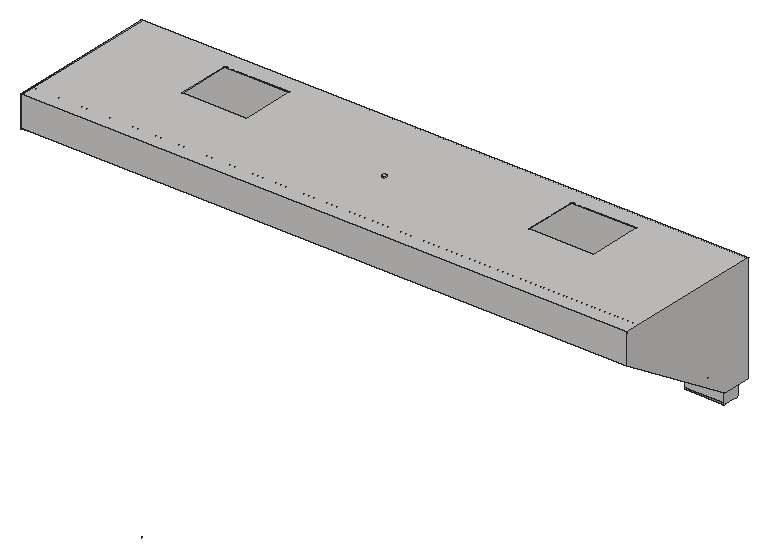
Revit family "QF_ELECTROLUXPROFESSIONAL_644203_AMPV728DT", category Specialty Equipment, Revit 2014
Reference planes
  plane 1: z = 0
  plane 2 "Center (Left/Right)": x = 150
  plane 3 "LEFT": x = -1250
  plane 4 "RIGHT": x = 1550
  plane 5 "BACK": y = 550
  plane 6 "Plane": z = 2000
  plane 7 "TOP": z = 2140
  plane 8 "Base": z = 1640
  plane 9: z = 1566
  plane 10 "DrainY": y = 485
  plane 11: x = -1247
  plane 12: through (0, 414.509, 1640.8) normal (0, 0.7314, 0.682)
  plane 13: y = 470
  plane 14: y = 220
  plane 15 "DrainX": x = 1430
  plane 16: x = -500
  plane 17: x = 800
  plane 18: x = -800
  plane 19: x = 1100
  plane 20: x = 1547
  plane 21: x = 1340
  plane 22: x = 1520
  plane 23: x = -1210
  plane 24: x = -845
  plane 25: x = -450
  plane 26: x = 1510
  plane 27: x = 1145
  plane 28: x = 750
  plane 29 "Center (Front/Back)": y = 200
  plane 30 "Front": y = -150
Forms (mm)
  Extrusion 1, solid, material "QF_Finishes_Stainless Steel"
    sketch origin (-1250, 0, 0) x (0, 1, 0) y (0, 0, 1)
      loop
        line (550, 1640) -> (550, 2140) -> (-150, 2140) -> (-150, 1998.603) -> (413.973, 1640) -> (550, 1640)
    from 0 to 3
  Extrusion 2, solid, material "QF_Finishes_Stainless Steel"
    sketch origin (150, 0, 0) x (0, 1, 0) y (0, 0, 1)
      loop
        line (415.255, 1640) -> (550, 1640) -> (550, 2139.19) -> (549.2, 2139.19) -> (549.2, 1640.8) -> (415.876, 1640.8) -> (339.347, 1722.867) -> (349.609, 1732.436) -> (348.927, 1733.167) -> (337.934, 1722.917) -> (415.255, 1640)
      loop
        line (-82.203, 2139.19) -> (-82.203, 2118.6) -> (-31.047, 2118.6) -> (34.354, 2048.466) -> (46.028, 2059.352) -> (45.346, 2060.083) -> (34.403, 2049.879) -> (-30.612, 2119.6) -> (-81.203, 2119.6) -> (-81.203, 2139.19) -> (-82.203, 2139.19)
    from -1397 to 1397
  Extrusion 3, solid, material "QF_Finishes_Stainless Steel"
    sketch origin (1550, 0, 0) x (0, 1, 0) y (0, 0, 1)
      loop
        line (550, 1640) -> (550, 2140) -> (-150, 2140) -> (-150, 1998.603) -> (413.973, 1640) -> (550, 1640)
    from 0 to -3
  Extrusion 4, solid, material "QF_Finishes_Stainless Steel"
    sketch origin (150, 0, 0) x (0, 1, 0) y (0, 0, 1)
      loop
        line (-150, 2140) -> (-150, 2000) -> (-149.2, 2000) -> (-149.2, 2139.19) -> (550, 2139.19) -> (550, 2140) -> (-150, 2140)
    from -1400 to 1400
  Extrusion 5, solid, material "QF_Finishes_Stainless Steel"
    sketch origin (150, 0, 0) x (0, 1, 0) y (0, 0, 1)
      loop
        line (534, 1640) -> (436, 1640) -> (436, 1627) -> (443.5, 1627) -> (443.5, 1576)
        arc (443.5, 1576) -> (446.429, 1568.929) -> (453.5, 1566) r 10
        line (453.5, 1566) -> (516.5, 1566)
        arc (516.5, 1566) -> (523.571, 1568.929) -> (526.5, 1576) r 10
        line (526.5, 1576) -> (526.5, 1627) -> (534, 1627) -> (534, 1640)
    from 1190 to 1370
  Extrusion 6, solid, material "QF_Finishes_Stainless Steel"
    sketch origin (0, 0, 1640) x (0, 1, 0) y (-1, 0, 0)
      loop
        circle (485, -1430) r 20
    from -76 to -74
  Extrusion 7, solid, material "QF_Finished_Chrome"
    sketch origin (150, 0, 0) x (0, 1, 0) y (0, 0, 1)
      loop
        line (337.934, 1722.917) -> (341.591, 1726.327) -> (38.011, 2051.876) -> (34.354, 2048.466) -> (337.934, 1722.917)
    from -995 to -1360
  Extrusion 8, solid, material "QF_Finished_Chrome"
    sketch origin (150, 0, 0) x (0, 1, 0) y (0, 0, 1)
      loop
        line (337.934, 1722.917) -> (341.591, 1726.327) -> (38.011, 2051.876) -> (34.354, 2048.466) -> (337.934, 1722.917)
    from 600 to -600
  Extrusion 9, solid, material "QF_Finishes_Stainless Steel"
    sketch origin (150, 0, 0) x (0, 1, 0) y (0, 0, 1)
      loop
        line (337.934, 1722.917) -> (341.591, 1726.327) -> (38.011, 2051.876) -> (34.354, 2048.466) -> (337.934, 1722.917)
    from 1397 to 1360
  Extrusion 10, solid, material "QF_Finishes_Stainless Steel"
    sketch origin (150, 0, 0) x (0, 1, 0) y (0, 0, 1)
      loop
        line (341.588, 1726.324) -> (38.009, 2051.874) -> (34.354, 2048.466) -> (337.934, 1722.917) -> (341.588, 1726.324)
    from -995 to -600
  Extrusion 11, solid, material "QF_Finished_Chrome"
    sketch origin (150, 0, 0) x (0, 1, 0) y (0, 0, 1)
      loop
        line (341.588, 1726.324) -> (38.009, 2051.874) -> (34.354, 2048.466) -> (337.934, 1722.917) -> (341.588, 1726.324)
    from 995 to 1360
  Extrusion 12, void
    sketch origin (0, 0, 2140) x (0, 1, 0) y (-1, 0, 0)
      loop
        line (470, 800) -> (220, 800) -> (220, 500) -> (470, 500) -> (470, 800)
    from 0 to -10
  Extrusion 13, void
    sketch origin (940, 0, 2140) x (0, 1, 0) y (-1, 0, 0)
      loop
        line (470, 140) -> (220, 140) -> (220, -160) -> (470, -160) -> (470, 140)
    from 0 to -10
  Extrusion 14, solid, material "QF_Finishes_Stainless Steel"
    sketch origin (0, 0, 0) x (1, 0, 0) y (0, 1, 0)
      loop
        line (-1250, 550) -> (-1250, 549) -> (-1249, 549) -> (-1249, 550) -> (-1250, 550)
    from 0 to 1
  Extrusion 15, solid, material "QF_Finishes_Stainless Steel"
    sketch origin (150, 0, 0) x (0, 1, 0) y (0, 0, 1)
      loop
        line (337.934, 1722.917) -> (341.591, 1726.327) -> (38.011, 2051.876) -> (34.354, 2048.466) -> (337.934, 1722.917)
    from -1360 to -1397
  Extrusion 16, solid, material "QF_Finishes_Stainless Steel"
    sketch origin (150, 0, 0) x (0, 1, 0) y (0, 0, -1)
      loop
        line (341.588, -1726.324) -> (337.934, -1722.917) -> (34.354, -2048.466) -> (38.009, -2051.874) -> (341.588, -1726.324)
    from -995 to -600
  Extrusion 17, solid, material "QF_Finishes_Stainless Steel"
    sketch origin (0, 0, 2140) x (0, 1, 0) y (-1, 0, 0)
      loop
        circle (200, -150) r 10
    from 0 to 2
Cuts and joins
  Extrusion 12, Extrusion 13 cuts Extrusion 4
  joined: Extrusion 2, Extrusion 4
Lines and regions (mm)
  reference lines
    curve 1: line (150, 34.354, 2048.466) -> (150, 34.354, 1888.466)
  symbolic lines, style "SpecialityEquipment", detail levels coarse
    curve 2: line (1550, 550, 2140) -> (-1250, 550, 2140)
    curve 3: line (-1250, 550, 2140) -> (-1250, -150, 2140)
    curve 4: line (1550, -150, 2140) -> (1550, 550, 2140)
    curve 5: line (-1250, -150, 2140) -> (1550, -150, 2140)
    curve 6: line (-800, 220, 2140) -> (-500, 220, 2140)
    curve 7: line (-800, 470, 2140) -> (-800, 220, 2140)
    curve 8: line (-500, 470, 2140) -> (-800, 470, 2140)
    curve 9: line (-500, 220, 2140) -> (-500, 470, 2140)
    curve 10: line (800, 470, 2140) -> (800, 220, 2140)
    curve 11: line (800, 220, 2140) -> (1100, 220, 2140)
    curve 12: line (1100, 470, 2140) -> (800, 470, 2140)
    curve 13: line (1100, 220, 2140) -> (1100, 470, 2140)
    curve 14: line (-1250, -150, 2140) -> (1550, 550, 2140)
    curve 15: line (-1250, 550, 2140) -> (1550, -150, 2140)
Dimensions and locks
  plane 3 "LEFT" to plane 4 "RIGHT" = 2800 mm
  equal spacing: plane 3 "LEFT", plane 2 "Center (Left/Right)", plane 4 "RIGHT"
  locked: plane 6 "Plane" to level at 2000
  plane 7 "TOP" to plane 6 "Plane" = 140 mm
  locked: plane 7 "TOP" to plane 8 "Base" at 500
  plane 8 "Base" to plane 9 = 74 mm
  plane 5 "BACK" to plane 10 "DrainY" = 65 mm  (x2)
  plane 3 "LEFT" to plane 11 = 3 mm
  plane 5 "BACK" to plane 13 = 80 mm
  plane 13 to plane 14 = 250 mm  (x2)
  plane 15 "DrainX" to plane 4 "RIGHT" = 120 mm
  locked: plane 16 to plane 17 at 1300
  equal spacing: plane 16, plane 2 "Center (Left/Right)", plane 17
  locked: plane 18 to plane 16 at 300
  locked: plane 17 to plane 19 at 300
  plane 20 to plane 4 "RIGHT" = 3 mm
  locked: plane 21 to plane 15 "DrainX" at 90
  locked: plane 15 "DrainX" to plane 22 at 90
  plane 13 to plane 5 "BACK" = 80 mm
  locked: plane 3 "LEFT" to plane 23 at 40
  locked: plane 23 to plane 24 at 365
  locked: plane 24 to plane 25 at 395
  locked: plane 26 to plane 27 at 365
  locked: plane 27 to plane 28 at 395
  locked: plane 26 to plane 4 "RIGHT" at 40
  plane 25 to plane 28 = 1200 mm
  locked: plane 5 "BACK" to plane 30 "Front" at 700
  equal spacing: plane 5 "BACK", plane 29 "Center (Front/Back)", plane 30 "Front"
  plane 5 "BACK" to plane 30 "Front" = 700 mm
  aligned and locked: level to plane 1
  aligned and locked: Extrusion 2 to Extrusion 1
  aligned and locked: Extrusion 2 to Extrusion 3
  aligned and locked: plane 4 "RIGHT" to Extrusion 4
  aligned and locked: Extrusion 4 to plane 3 "LEFT"
  aligned and locked: plane 20 to Extrusion 9
  aligned and locked: plane 18 to Extrusion 12
  aligned and locked: Extrusion 12 to plane 16
  aligned and locked: Extrusion 12 to plane 14
  aligned and locked: Extrusion 12 to plane 13
  aligned and locked: Extrusion 13 to plane 19
  aligned and locked: plane 17 to Extrusion 13
  aligned and locked: Extrusion 2 to Extrusion 4
  aligned and locked: plane 22 to Extrusion 5
  aligned and locked: Extrusion 5 to plane 21
  aligned and locked: Extrusion 9 to plane 26
  aligned and locked: Extrusion 11 to plane 26
  aligned and locked: Extrusion 11 to plane 27
  aligned and locked: Extrusion 8 to plane 28
  aligned and locked: Extrusion 8 to plane 25
  aligned and locked: plane 25 to Extrusion 10
  aligned and locked: Extrusion 10 to plane 24
  aligned and locked: plane 24 to Extrusion 7
  aligned and locked: Extrusion 7 to plane 23
  aligned and locked: Extrusion 15 to plane 11
  aligned and locked: plane 23 to Extrusion 15
  aligned and locked: Extrusion 16 to plane 28
  aligned and locked: Extrusion 16 to plane 27
  aligned and locked: Extrusion 3 to plane 20
Automatic sketch dimensions
  Extrusion 2 sketch curve to plane 12 = 0 mm  (x3)
  Extrusion 2 sketch curve to plane 8 "Base" = 0 mm
  plane 12 to Extrusion 2 sketch curve = 0 mm
  Extrusion 2 sketch curve to plane 5 "BACK" = 0 mm
  Extrusion 2 sketch curve to Extrusion 2 sketch curve = 65.646 mm
  Extrusion 2 sketch curve to Extrusion 2 sketch curve = 0.682 mm  (x2)
  Extrusion 2 sketch curve to Extrusion 2 sketch curve = 10.261 mm
  plane 8 "Base" to Extrusion 2 sketch curve = 82.917 mm
  Extrusion 2 sketch curve to Extrusion 2 sketch curve = 10.942 mm
  Extrusion 2 sketch curve to Extrusion 2 sketch curve = 0.049 mm
  Extrusion 2 sketch curve to plane 7 "TOP" = 20.4 mm
  Extrusion 2 sketch curve to plane 7 "TOP" = 21.4 mm
  Extrusion 2 sketch curve to plane 7 "TOP" = 0.81 mm  (x2)
  Extrusion 2 sketch curve to Extrusion 2 sketch curve = 50.156 mm
  Extrusion 2 sketch curve to Extrusion 2 sketch curve = 1 mm
  plane 8 "Base" to Extrusion 2 sketch curve = 0.8 mm
  Extrusion 2 sketch curve to plane 5 "BACK" = 0.8 mm
  Extrusion 3 sketch curve to plane 8 "Base" = 0 mm
  Extrusion 3 sketch curve to plane 5 "BACK" = 0 mm
  Extrusion 3 sketch curve to plane 7 "TOP" = 0 mm
  plane 13 to Extrusion 3 sketch curve = 56.027 mm
  Extrusion 3 sketch curve to plane 6 "Plane" = 1.397 mm
  Extrusion 4 sketch curve to plane 6 "Plane" = 0 mm
  Extrusion 4 sketch curve to plane 5 "BACK" = 0 mm
  Extrusion 4 sketch curve to plane 7 "TOP" = 0 mm
  Extrusion 4 sketch curve to plane 7 "TOP" = 0.81 mm
  curve 1 to plane 12 = 0 mm
  curve 1 to plane 6 "Plane" = 111.534 mm
  Extrusion 5 sketch curve to plane 8 "Base" = 0 mm
  Extrusion 5 sketch curve to plane 9 = 0 mm
  Extrusion 5 sketch curve to plane 8 "Base" = 13 mm  (x2)
  plane 13 to Extrusion 5 sketch curve = 34 mm
  Extrusion 5 sketch curve to Extrusion 5 sketch curve = 7.5 mm  (x2)
  Extrusion 5 sketch curve to Extrusion 5 sketch curve = 10 mm
  plane 10 "DrainY" to Extrusion 5 sketch curve = 31.5 mm
  Extrusion 5 sketch curve to plane 5 "BACK" = 23.5 mm
  Extrusion 6 sketch curve to plane 10 "DrainY" = 0 mm
  Extrusion 6 sketch curve to plane 15 "DrainX" = 0 mm
  Extrusion 7 sketch curve to plane 12 = 0 mm  (x2)
  Extrusion 7 sketch curve to Extrusion 7 sketch curve = 3.657 mm
  plane 8 "Base" to Extrusion 7 sketch curve = 82.917 mm
  Extrusion 8 sketch curve to plane 12 = 0 mm  (x2)
  Extrusion 8 sketch curve to Extrusion 8 sketch curve = 3.657 mm
  plane 8 "Base" to Extrusion 8 sketch curve = 82.917 mm
  Extrusion 9 sketch curve to plane 12 = 0 mm  (x2)
  Extrusion 9 sketch curve to Extrusion 9 sketch curve = 3.657 mm
  plane 8 "Base" to Extrusion 9 sketch curve = 82.917 mm
  Extrusion 10 sketch curve to plane 12 = 0 mm  (x2)
  Extrusion 10 sketch curve to Extrusion 10 sketch curve = 3.655 mm
  plane 8 "Base" to Extrusion 10 sketch curve = 82.917 mm
  Extrusion 11 sketch curve to plane 12 = 0 mm  (x2)
  Extrusion 11 sketch curve to Extrusion 11 sketch curve = 3.655 mm
  plane 8 "Base" to Extrusion 11 sketch curve = 82.917 mm
  Extrusion 12 sketch curve to plane 14 = 0 mm
  plane 13 to Extrusion 12 sketch curve = 0 mm
  Extrusion 12 sketch curve to plane 16 = 0 mm
  Extrusion 12 sketch curve to plane 18 = 0 mm
  Extrusion 13 sketch curve to plane 14 = 0 mm
  plane 13 to Extrusion 13 sketch curve = 0 mm
  Extrusion 13 sketch curve to plane 19 = 0 mm
  Extrusion 13 sketch curve to plane 17 = 0 mm
  Extrusion 14 sketch curve to plane 3 "LEFT" = 0 mm
  Extrusion 14 sketch curve to plane 5 "BACK" = 0 mm
  plane 3 "LEFT" to Extrusion 14 sketch curve = 1 mm
  Extrusion 14 sketch curve to plane 5 "BACK" = 1 mm
  Extrusion 15 sketch curve to plane 12 = 0 mm  (x2)
  Extrusion 15 sketch curve to Extrusion 15 sketch curve = 3.657 mm
  plane 8 "Base" to Extrusion 15 sketch curve = 82.917 mm
  Extrusion 16 sketch curve to plane 12 = 0 mm  (x2)
  Extrusion 16 sketch curve to Extrusion 16 sketch curve = 3.655 mm
  plane 8 "Base" to Extrusion 16 sketch curve = 82.917 mm
  plane 6 "Plane" to Extrusion 2 sketch curve = 48.466 mm
  curve 1 to plane 14 = 185.646 mm
  plane 6 "Plane" to Extrusion 7 sketch curve = 51.876 mm
  plane 6 "Plane" to Extrusion 8 sketch curve = 51.876 mm
  plane 6 "Plane" to Extrusion 9 sketch curve = 51.876 mm
  plane 6 "Plane" to Extrusion 10 sketch curve = 51.874 mm
  plane 6 "Plane" to Extrusion 11 sketch curve = 51.874 mm
  plane 6 "Plane" to Extrusion 15 sketch curve = 51.876 mm
  plane 6 "Plane" to Extrusion 16 sketch curve = 51.874 mm
  Extrusion 3 sketch curve to plane 14 = 370 mm
  Extrusion 4 sketch curve to plane 14 = 369.2 mm
  Extrusion 4 sketch curve to Extrusion 4 sketch curve = 0.8 mm
  Extrusion 1 sketch curve to plane 7 "TOP" = 0 mm
  Extrusion 1 sketch curve to plane 8 "Base" = 0 mm
  Extrusion 1 sketch curve to plane 5 "BACK" = 0 mm
  Extrusion 1 sketch curve to plane 30 "Front" = 0 mm
  plane 13 to Extrusion 1 sketch curve = 56.027 mm
  Extrusion 1 sketch curve to plane 6 "Plane" = 1.397 mm
  Extrusion 17 sketch curve to plane 2 "Center (Left/Right)" = 0 mm
  Extrusion 17 sketch curve to plane 29 "Center (Front/Back)" = 0 mm
  curve 14 to plane 30 "Front" = 0 mm
  curve 15 to plane 4 "RIGHT" = 0 mm
  curve 11 to plane 14 = 0 mm
  curve 6 to plane 14 = 0 mm
  plane 13 to curve 8 = 0 mm
  plane 13 to curve 10 = 0 mm
  curve 15 to plane 3 "LEFT" = 0 mm
  curve 15 to plane 5 "BACK" = 0 mm
  curve 13 to plane 19 = 0 mm
  curve 10 to plane 17 = 0 mm
  curve 9 to plane 16 = 0 mm
  curve 8 to plane 18 = 0 mm
  radius of Extrusion 6 sketch curve = 20 mm
  radius of Extrusion 17 sketch curve = 10 mm
Connectors
  piping at (1430, 485, 1564), diameter 20
    settings: on Extrusion 6, index 1, connector inside diameter 609.6 mm, connector length 0 mm, flow factor 0, pipe flow 0.0 L/s, pressure drop 0.0 Pa, fitting loss kfactor 0, connector angle 0.00°, fixture units 0, engagement length 0 mm, angle of deflection 0.00°, flow configuration 1, flow direction 2, fitting loss method 0, system type 16, joint type 0, gender type 0, connector reference index -1, connector utility 0, adjustable connector no, is connector primary yes, connector description "Drain"
  hvac at (-650, 345, 2140)
    settings: on Extrusion 12, index 2, duct flow 0.0 L/s, flow factor 0, pres drop 0.0 Pa, loss coef 0, conn angle 0.00°, conn width 250 mm, conn height 300 mm, conn diameter 609.6 mm, duct sys type 3, conn prof type 1, flow config 1, flow direction 2, loss method 0, conn ref index -1, conn util no, is conn primary yes, conn desc "EXHAUST OUTLET"
  hvac at (950, 345, 2140)
    settings: on Extrusion 13, index 3, duct flow 0.0 L/s, flow factor 0, pres drop 0.0 Pa, loss coef 0, conn angle 0.00°, conn width 250 mm, conn height 300 mm, conn diameter 609.6 mm, duct sys type 3, conn prof type 1, flow config 1, flow direction 2, loss method 0, conn ref index -1, conn util no, is conn primary no, conn desc "EXHAUST OUTLET"
  electrical at (150, 200, 2142)
    settings: on Extrusion 17, index 4, voltage 0 V, apparent load 0 VA, apparent load phase1 0 VA, apparent load phase2 0 VA, apparent load phase3 0 VA, power factor 1, load classification "Other", number of poles 1, system type 30, power factor state 1, is connector primary yes, connector utility no, sub classification motor no, connector description "Electrical Connection"
